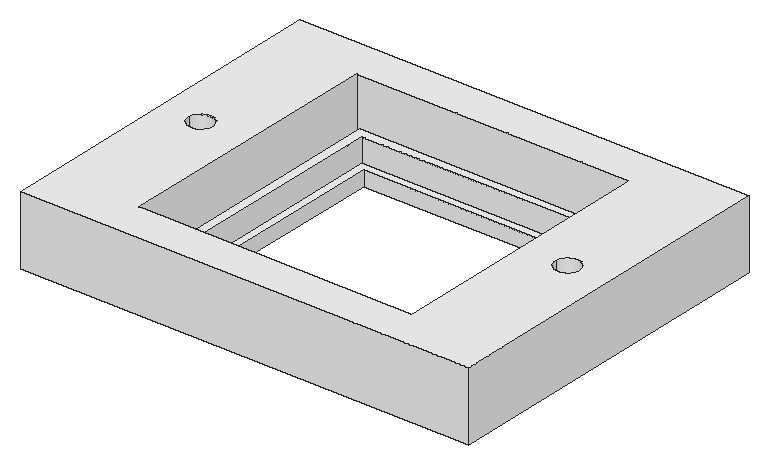
Revit family "Gira_021167", category Electrical Fixtures, host Face, Revit 2017
Family settings
  Host = Face
  Maintain Annotation Orientation = No
  Round Connector Dimension = Use Diameter
  Part Type = Normal
  Cut with Voids When Loaded = No
  Shared = No
  Room Calculation Point = No
Parameters (values of type "Abdeckrahmen 1f Gira TX_44 (WG UP) Anthrazit")
  Werkstoffgüte = "Thermoplast"
  Werkstoff = "Kunststoff"
  URL = "http://katalog.gira.de/de_DE/datenblatt.html?artikelnr=021167"
  Transparent = "No"
  Textfeld/Beschriftungsfläche = "No"
  Schutzart (IP) = "IP44"
  Region = "DE"
  Oberfläche = "lackiert"
  Name = "Abdeckrahmen 1f Gira TX_44 (WG UP) Anthrazit"
  Montagerichtung = "horizontal und vertikal"
  Mit Montagerahmen = "No"
  Mit Klappdeckel = "No"
  Manufacturer URL = "https://www.gira.de/"
  Keynote = "TX44_Rahmen_1fach"
  HeinzeBIM = "https://bimportal.heinze.de/bim/abdeckrahmen-1f-gira-tx-44-wg-up-anthrazit/4d061a7d50a43a6fdaece66cd632d9491e7370c3"
  Halogenfrei = "No"
  HAN = "021167"
  Geeignet für Unterputz-Installation = "Yes"
  Geeignet für Unterflurkanaldose = "No"
  Geeignet für Geräteeinbaukanal = "No"
  Geeignet für Einbauinstallation = "No"
  GTIN = "4010337211679"
  Farbe = "anthrazit"
  Default Elevation = 1219.2 mm
  Data sheet (1) = "https://katalog.gira.de/de_DE/download.html?artikelnr=021167"
  Category = "Abdeckrahmen"
  Befestigungsart = "Klemmbefestigung"
  Available = "Yes"
  Anzahl der Einheiten vertikal = "1 "
  Anzahl der Einheiten horizontal = "1 "
  Anzahl der Einheiten = "1 "
Reference planes
  plane 1 "Center (Front/Back)": y = 0
  plane 2: z = 0
  plane 3 "Center (Left/Right)": x = 0
Forms (mm)
  Extrusion 1, solid, material "White", detail levels fine
    sketch origin (0, 0, 0) x (1, 0, 0) y (0, 1, 0)
      loop
        line (-54.959, 42.909) -> (-54.959, -42.909) -> (54.959, -42.909) -> (54.959, 42.909) -> (-54.959, 42.909)
      loop
        line (-33.5, -33.5) -> (33.5, -33.5) -> (33.5, 33.5) -> (-33.5, 33.5) -> (-33.5, -33.5)
      loop
        circle (-45, -0.006) r 3
      loop
        circle (44.992, 0.001) r 3
    from 0 to 16.9
  Extrusion 2, solid, material "White", detail levels fine
    sketch origin (0, 0, 0) x (1, 0, 0) y (0, 1, 0)
      loop
        line (-25.5, 25.5) -> (-25.5, -25.5) -> (25.5, -25.5) -> (25.5, 25.5) -> (-25.5, 25.5)
      loop
        line (-33.5, 33.5) -> (-33.5, -33.5) -> (33.5, -33.5) -> (33.5, 33.5) -> (-33.5, 33.5)
    from -1.6 to 2
  Extrusion 3, solid, material "White", detail levels fine
    sketch origin (0, 0, 0) x (1, 0, 0) y (0, 1, 0)
      loop
        line (-27.5, 27.5) -> (-27.5, -27.5) -> (27.5, -27.5) -> (27.5, 27.5) -> (-27.5, 27.5)
      loop
        line (-29.5, 29.5) -> (-29.5, -29.5) -> (29.5, -29.5) -> (29.5, 29.5) -> (-29.5, 29.5)
    from 2 to 7.8
  Extrusion 4, solid, material "White", detail levels coarse+medium
    sketch origin (0, 0, 0) x (1, 0, 0) y (0, 1, 0)
      loop
        line (-54.959, 42.909) -> (-54.959, -42.909) -> (54.959, -42.909) -> (54.959, 42.909) -> (-54.959, 42.909)
    from -1.6 to 16.9
Dimensions and locks
  aligned and locked: plane 2 to host face
  aligned and locked: level to host face
